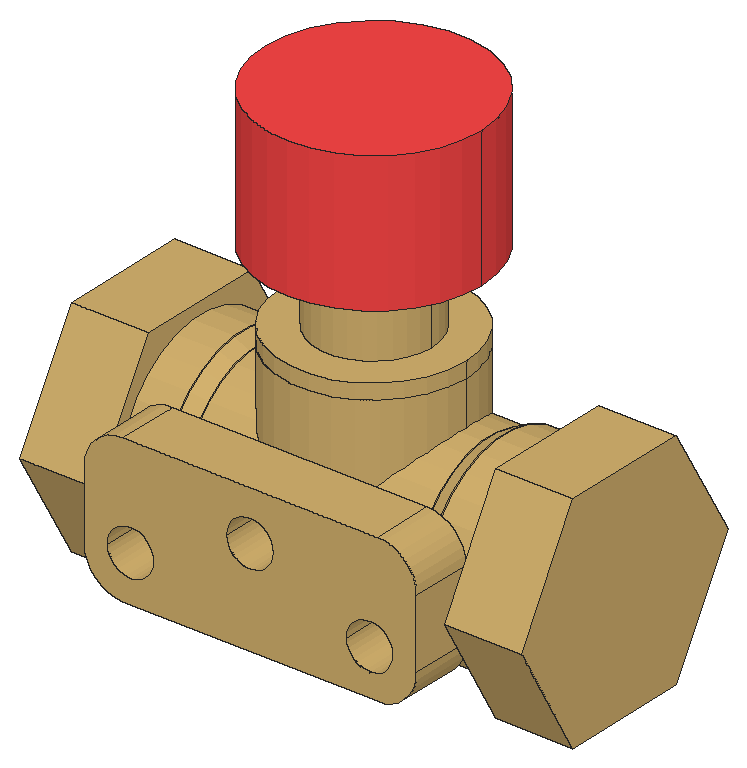
Revit family "ASV-M_DN15-DN40_Internal_RFA", category Pipe Accessories, Revit 2019
Family settings
  Round Connector Dimension = Use Diameter
  Part Type = Valve - Breaks Into
  Work Plane-Based = No
  Always vertical = Yes
  Cut with Voids When Loaded = No
  Shared = No
Parameters (values of type "ASV-M_DN15_Internal_003L7691")
  ang2D [instance] = 0.00°
  W1 = 20 mm
  Valve Body Material = Danfoss Brass
  Use Minimum Symbol Size [instance] = no
  URL = "https://store.danfoss.com/en/Climate-Solutions-for-heating/Hydronic-Balancing-and-Control/Differential-Pressure-Control/Partner-valves/c/7017?q=%3Arelevance%3Adanfoss_producttypehierarchydesc%3A0db7ce8e13f1d90eb5580db7ceeb1985e23455bd%3Adanfoss_a50461501115_fts%3ATA5_1501120&page=0&pageSize=20"
  TD = R_V2 * 2  # 26 mm
  R_Thread1 = 16.5 mm
  R_TP = 3 mm
  R_Body1 = 12 mm
  R_V1 = 12 mm
  R_V2 = 13 mm
  R_Body3 = 7.5 mm
  R_C = 14 mm
  R_Body2 = 12 mm
  Pressure Drop [instance] = 0.0 Pa
  Depth_P = 8 mm
  Nominal Pressure = "PN 16"  # constant formula
  R_T = 16.7 mm
  H_T1 = 9.5 mm
  Model Type = "ASV-M_DN15_Internal"
  Model = "003L7691"
  Min Medium Temperature = "-20 °C"  # constant formula
  Min Differential Pressure = "10 kPa"  # constant formula
  Max Medium Temperature = "120 °C"  # constant formula
  Max Differential Pressure = "150 kPa"  # constant formula
  Manufacturer = "Danfoss"  # constant formula
  H_T2 = 2 mm
  L_TP3 = 0 mm
  L_TP2 = 15.5 mm
  L_TP1 = 15.5 mm
  L_2 = 32.5 mm
  L_P2 = 21.5 mm
  L_P1 = 21.5 mm
  LOD 350 = not(LOD 200)  # yes
  LOD 200 = no
  L4 = 15 mm
  L3 = 2 mm
  L2__ve = -L2  # -6 mm
  L2 = 6 mm
  L1__ve = -L1  # -10 mm
  L1 = 10 mm
  L = L_2 * 2  # 65 mm
  Kvs = 1.6 m³/h
  IfcExportType = "ASV-M"  # constant formula
  IfcExportAs = "IfcValveType"  # constant formula
  H_2 = 4.5 mm
  H_TP1 = 3.5 mm
  H_TP2 = 3 mm
  H_P2 = 9.5 mm
  H_P1 = 9.5 mm
  H_C = 18 mm
  H1 = 47.1 mm
  Flow [instance] = 0.0 m³/h
  Description = "Partner Valve for Automatic Balancing"  # constant formula
  D = 15 mm
  Connection = "Internal Thread"  # constant formula
  R_Thread = R_T * cos(30.00°)  # 14.463 mm
  R_Arc = 5 mm
Types (5, lengths in mm): name | W1 | TD | R_Thread1 | R_TP | R_Body1 | R_V1 | R_V2 | R_Body3 | R_C | R_Body2 | Depth_P | R_T | H_T1 | Model Type | Model | H_T2 | L_TP3 | L_TP2 | L_TP1 | L_2 | L_P2 | L_P1 | L4 | L3 | L2__ve | L2 | L1__ve | L1 | L | Kvs | H_TP1 | H_TP2 | H_P2 | H_P1 | H_C | H1 | D | R_Thread
  ASV-M_DN20_Internal_003L7692 | 20 | 30 | 20.5 | 3 | 14.5 | 14.5 | 15 | 9 | 17.5 | 14.5 | 8 | 20.8 | 11.5 | "ASV-M_DN20_Internal" | "003L7692" | 2 | 1 | 14.5 | 16.5 | 37.5 | 20.5 | 22 | 18 | 2 | -9 | 9 | -10 | 10 | 75 | 2.5 m³/h | 3 | 3 | 9.5 | 9.5 | 22.5 | 58.75 | 20 | 18.013
  ASV-M_DN25_Internal_003L7693 | 23 | 38.4 | 26.5 | 3.5 | 18 | 18 | 19.2 | 11 | 22.5 | 18 | 8 | 27.1 | 15.5 | "ASV-M_DN25_Internal" | "003L7693" | 2 | 2 | 13.5 | 17.5 | 42 | 20 | 23.5 | 19 | 2 | -12 | 12 | -12 | 12 | 84 | 4.0 m³/h | 3 | 3 | 9.5 | 9.5 | 28.8 | 75.8 | 25 | 23.469
  ASV-M_DN32_Internal_003L7694 | 28.5 | 48 | 32.5 | 3.5 | 22 | 22 | 24 | 14 | 27.5 | 22 | 8 | 32.9 | 22.5 | "ASV-M_DN32_Internal" | "003L7694" | 7 | 3 | 12.5 | 18.5 | 47.5 | 22 | 28 | 20.5 | 2.143 | -11 | 11 | -15 | 15 | 95 | 6.3 m³/h | 3 | 3 | 9 | 9 | 36 | 98 | 32 | 28.492
  ASV-M_DN40_Internal_003L7695 | 33 | 54 | 36 | 3.5 | 22 | 25 | 27 | 14 | 27.5 | 22 | 11.5 | 36.4 | 19 | "ASV-M_DN40_Internal" | "003L7695" | 4 | 5.5 | 10 | 21 | 50 | 22 | 28 | 23 | 2.429 | -9 | 9 | -17 | 17 | 100 | 10.0 m³/h | 1 | 5 | 11 | 7 | 36 | 98.8 | 40 | 31.523
  ASV-M_DN15_Internal_003L7691 | 20 | 26 | 16.5 | 3 | 12 | 12 | 13 | 7.5 | 14 | 12 | 8 | 16.7 | 9.5 | "ASV-M_DN15_Internal" | "003L7691" | 2 | 0 | 15.5 | 15.5 | 32.5 | 21.5 | 21.5 | 15 | 2 | -6 | 6 | -10 | 10 | 65 | 1.6 m³/h | 3.5 | 3 | 9.5 | 9.5 | 18 | 47.1 | 15 | 14.463
Reference planes
  plane 1 "Center (Front/Back)": y = 0
  plane 2 "XYPLANE": z = 0
  plane 3 "Center (Left/Right)": x = 0
  plane 4 "59": y = -20
  plane 5 "58": z = 9.5
  plane 6 "57": z = -9.5
  plane 7 "56": x = -21.5
  plane 8 "55": x = 21.5
  plane 9 "43": z = 17.6
  plane 10 "42": z = 19.6
  plane 11 "41": z = 29.1
  plane 12 "40": x = 17
  plane 13 "39": x = 15
  plane 14 "38": x = -17
  plane 15 "37": x = -15
  plane 16 "35": z = 47.1
  plane 17 "26": x = -32.5
  plane 18 "25": x = 32.5
  plane 19 "24": z = 0
  plane 20 "23": y = 0
  plane 21 "22": x = 0
  plane 22 "c1": x = 15.5
  plane 23 "c2": x = -15.5
  plane 24: z = -3.5
  plane 25: z = 3
  plane 26: x = 0
Forms (mm)
  Extrusion 1, solid, material "Danfoss Brass" <- "Valve Body Material", visible <- "LOD 350", detail levels fine
    sketch origin (0, 0, 19.6) x (1, 0, 0) y (0, 1, 0)
      loop
        circle (0, 0) r 7.5
    from 0 to 9.5 <- "H_T1"
  Extrusion 2, solid, material "Danfoss Brass" <- "Valve Body Material", visible <- "LOD 350", detail levels fine
    sketch origin (17, -750, 0) x (0, 1, 0) y (0, 0, 1)
      loop
        circle (750, 0) r 13
    from 0 to 6 <- "L2"
  Extrusion 3, solid, material "Danfoss Brass" <- "Valve Body Material", visible <- "LOD 350", detail levels fine
    sketch origin (-17, -750, 0) x (0, 1, 0) y (0, 0, 1)
      loop
        circle (750, 0) r 13
    from 0 to -6 <- "L2__ve"
  Extrusion 4, solid, material "Danfoss Brass" <- "Valve Body Material", detail levels fine
    sketch origin (750, -20, 0) x (-1, 0, 0) y (0, 0, 1)
      loop
        line (766.5, 9.5) -> (733.5, 9.5)
        arc (733.5, 9.5) -> (729.964, 8.036) -> (728.5, 4.5) r 5
        line (728.5, 4.5) -> (728.5, -4.5)
        arc (728.5, -4.5) -> (729.964, -8.036) -> (733.5, -9.5) r 5
        line (733.5, -9.5) -> (766.5, -9.5)
        arc (766.5, -9.5) -> (770.036, -8.036) -> (771.5, -4.5) r 5
        line (771.5, -4.5) -> (771.5, 4.5)
        arc (771.5, 4.5) -> (770.036, 8.036) -> (766.5, 9.5) r 5
      loop
        circle (765.5, -3.5) r 3
      loop
        circle (750, 3) r 3
      loop
        circle (734.5, -3.5) r 3
    from 0 to 8 <- "Depth_P"
  Extrusion 5, solid, material "Danfoss Plastic Red", detail levels fine
    sketch origin (-750, 0, 29.1) x (1, 0, 0) y (0, 1, 0)
      loop
        circle (750, 0) r 14
    from 0 to 18 <- "H_C"
  Blend 6, solid, material "Danfoss Brass" <- "Valve Body Material", visible <- "LOD 350", detail levels fine
    base sketch origin (-750, 0, 17.6) x (1, 0, 0) y (0, 1, 0)
      loop
        circle (750, 0) r 12
    top sketch origin (-750, 0, 17.6) x (1, 0, 0) y (0, 1, 0)
      loop
        circle (750, 0) r 12
    from 0 to 2
  Extrusion 7, solid, material "Danfoss Brass" <- "Valve Body Material", visible <- "LOD 350", detail levels fine
    sketch origin (-750, 0, 17.6) x (1, 0, 0) y (0, 1, 0)
      loop
        circle (750, 0) r 12
    from 0 to -17.6
  Extrusion 8, solid, material "Danfoss Brass" <- "Valve Body Material", visible <- "LOD 350", detail levels fine
    sketch origin (32.5, -750, 0) x (0, 1, 0) y (0, 0, 1)
      loop
        line (766.7, 0) -> (758.35, 14.463) -> (741.65, 14.463) -> (733.3, 0) -> (741.65, -14.463) -> (758.35, -14.463) -> (766.7, 0)
    from 0 to -10 <- "L1__ve"
  Extrusion 9, solid, material "Danfoss Brass" <- "Valve Body Material", visible <- "LOD 350", detail levels fine
    sketch origin (-32.5, -750, 0) x (0, 1, 0) y (0, 0, 1)
      loop
        line (733.3, 0) -> (741.65, -14.463) -> (758.35, -14.463) -> (766.7, 0) -> (758.35, 14.463) -> (741.65, 14.463) -> (733.3, 0)
    from 0 to 10 <- "L1"
  Blend 10, solid, material "Danfoss Brass" <- "Valve Body Material", visible <- "LOD 350", detail levels fine
    base sketch origin (17, -750, 0) x (0, 1, 0) y (0, 0, 1)
      loop
        circle (750, 0) r 13
    top sketch origin (17, -750, 0) x (0, 1, 0) y (0, 0, 1)
      loop
        circle (750, 0) r 12
    from 0 to -2
  Blend 11, solid, material "Danfoss Brass" <- "Valve Body Material", visible <- "LOD 350", detail levels fine
    base sketch origin (-17, -750, 0) x (0, 1, 0) y (0, 0, 1)
      loop
        circle (750, 0) r 13
    top sketch origin (-17, -750, 0) x (0, 1, 0) y (0, 0, 1)
      loop
        circle (750, 0) r 12
    from 0 to 2
  Extrusion 12, solid, material "Danfoss Brass" <- "Valve Body Material", visible <- "LOD 350", detail levels fine
    sketch origin (-15, -750, 0) x (0, 1, 0) y (0, 0, 1)
      loop
        circle (750, 0) r 12
    from 0 to 30
  Extrusion 13, solid, material "Danfoss Brass" <- "Valve Body Material", visible <- "LOD 200", detail levels fine
    sketch origin (32.5, -750, 0) x (0, 1, 0) y (0, 0, 1)
      loop
        circle (750, 0) r 16.5
    from 0 to -10 <- "L1__ve"
  Extrusion 14, solid, material "Danfoss Brass" <- "Valve Body Material", visible <- "LOD 200", detail levels fine
    sketch origin (-32.5, -750, 0) x (0, 1, 0) y (0, 0, 1)
      loop
        circle (750, 0) r 16.5
    from 0 to 10 <- "L1"
  Extrusion 15, solid, material "Danfoss Brass" <- "Valve Body Material", visible <- "LOD 200", detail levels fine
    sketch origin (0, 0, 0) x (1, 0, 0) y (0, 1, 0)
      loop
        circle (0, 0) r 12
    from 0 to 29.1
  Extrusion 16, solid, material "Danfoss Brass" <- "Valve Body Material", visible <- "LOD 200", detail levels fine
    sketch origin (0, 0, 0) x (0, 1, 0) y (0, 0, 1)
      loop
        circle (0, 0) r 12
    from -22.5 to 22.5
Lines and regions (mm)
  reference lines, not visible
    curve 1: circle (2, 2, 0) r 1 normal (0, 0, 1)
  reference lines
    curve 2: line (32.5, 0, 0) -> (32.5, -3.375, 5.846)
    curve 3: line (32.5, 0, 0) -> (32.5, -6.75, 0)
    curve 4: line (32.5, 0, 0) -> (32.5, -3.375, -5.846)
    curve 5: line (-32.5, 0, 0) -> (-32.5, 3.375, 5.846)
    curve 6: line (-32.5, 0, 0) -> (-32.5, 6.75, 0)
    curve 7: line (-32.5, 0, 0) -> (-32.5, 3.375, -5.846)
Dimensions and locks
  plane 1 "Center (Front/Back)" to curve 1 = 2 mm
  "W1": plane 20 "23" to plane 4 "59"
  "L_P1": plane 21 "22" to plane 7 "56"
  "L_P2": plane 21 "22" to plane 8 "55"
  "H_T2": plane 10 "42" to plane 9 "43"
  "H_T1": plane 11 "41" to plane 10 "42"
  "H_C": plane 16 "35" to plane 11 "41"
  "L3": plane 13 "39" to plane 12 "40"
  "L4": plane 21 "22" to plane 13 "39"
  "L3": plane 15 "37" to plane 14 "38"
  "L4": plane 21 "22" to plane 15 "37"
  "H1": plane 19 "24" to plane 16 "35"
  "L_2": plane 21 "22" to plane 17 "26"
  "L_2": plane 21 "22" to plane 18 "25"
  locked: plane 2 "XYPLANE" to plane 19 "24"
  locked: plane 1 "Center (Front/Back)" to plane 20 "23"
  locked: plane 3 "Center (Left/Right)" to plane 21 "22"
  Extrusion 4 sketch curve to Extrusion 4 sketch curve = 0 mm  (x16)
  "R_Thread": curve 2 to Extrusion 8 sketch curve  (x2)
  "R_Thread": curve 3 to Extrusion 8 sketch curve  (x2)
  "R_Thread": curve 4 to Extrusion 8 sketch curve  (x2)
  Extrusion 8 sketch curve to Extrusion 8 sketch curve = 0 mm  (x12)
  "R_Thread": curve 5 to Extrusion 9 sketch curve  (x2)
  "R_Thread": curve 6 to Extrusion 9 sketch curve  (x2)
  "R_Thread": curve 7 to Extrusion 9 sketch curve  (x2)
  Extrusion 9 sketch curve to Extrusion 9 sketch curve = 0 mm  (x12)
  plane 18 "25" to plane 17 "26" = 65 mm
  "H_TP1": level to plane 24
  "L_TP2": plane 22 "c1" to plane 3 "Center (Left/Right)"
  "L_TP1": plane 3 "Center (Left/Right)" to plane 23 "c2"
  "H_P2": plane 5 "58" to level
  "H_P1": level to plane 6 "57"
  "H_TP2": plane 25 to level
  "L_TP3": plane 3 "Center (Left/Right)" to plane 26
  "R_Body3": radius of Extrusion 1 sketch curve
  "R_V2": radius of Extrusion 2 sketch curve
  "R_V2": radius of Extrusion 3 sketch curve
  "R_Arc": radius of Extrusion 4 sketch curve  (x4)
  "R_C": radius of Extrusion 5 sketch curve
  "R_Body2": radius of Blend 6 sketch curve  (x2)
  "R_Body1": radius of Extrusion 7 sketch curve
  "R_V1": radius of Blend 10 sketch curve
  "R_V2": radius of Blend 10 sketch curve
  "R_V1": radius of Blend 11 sketch curve
  "R_V2": radius of Blend 11 sketch curve
  "R_V1": radius of Extrusion 12 sketch curve
  "R_Thread1": radius of Extrusion 13 sketch curve
  "R_Thread1": radius of Extrusion 14 sketch curve
  "R_Body1": radius of Extrusion 15 sketch curve
  "R_V1": radius of Extrusion 16 sketch curve
  "R_TP": radius of Extrusion 4 sketch curve  (x3)
  locked: curve 3 to curve 2 (angle 60.00°)
  locked: curve 4 to curve 3 (angle 60.00°)
  locked: curve 4 to curve 2 (angle 120.00°)
  locked: curve 6 to curve 5 (angle 60.00°)
  locked: curve 7 to curve 6 (angle 60.00°)
  locked: curve 7 to curve 5 (angle 120.00°)
  aligned and locked: level to plane 2 "XYPLANE"
  aligned and locked: plane 20 "23" to Extrusion 1 sketch curve
  aligned and locked: plane 21 "22" to Extrusion 1 sketch curve
  aligned and locked: plane 19 "24" to Extrusion 2 sketch curve
  aligned and locked: Extrusion 2 sketch curve to plane 20 "23"
  aligned and locked: plane 19 "24" to Extrusion 3 sketch curve
  aligned and locked: Extrusion 3 sketch curve to plane 20 "23"
  aligned and locked: plane 7 "56" to Extrusion 4 sketch curve
  aligned and locked: plane 6 "57" to Extrusion 4 sketch curve
  aligned and locked: Extrusion 4 sketch curve to plane 8 "55"
  aligned and locked: Extrusion 4 sketch curve to plane 5 "58"
  aligned and locked: plane 20 "23" to Extrusion 5 sketch curve
  aligned and locked: plane 21 "22" to Extrusion 5 sketch curve
  aligned and locked: plane 20 "23" to Blend 6 sketch curve  (x2)
  aligned and locked: plane 21 "22" to Blend 6 sketch curve  (x2)
  aligned and locked: plane 10 "42" to Blend 6
  aligned and locked: plane 20 "23" to Extrusion 7 sketch curve
  aligned and locked: plane 21 "22" to Extrusion 7 sketch curve
  aligned and locked: plane 19 "24" to curve 4
  aligned and locked: curve 4 to plane 20 "23"
  aligned and locked: plane 19 "24" to curve 7
  aligned and locked: curve 7 to plane 20 "23"
  aligned and locked: plane 19 "24" to Blend 10 sketch curve  (x2)
  aligned and locked: Blend 10 sketch curve to plane 20 "23"  (x2)
  aligned and locked: Blend 10 to plane 13 "39"
  aligned and locked: plane 19 "24" to Blend 11 sketch curve  (x2)
  aligned and locked: Blend 11 sketch curve to plane 20 "23"  (x2)
  aligned and locked: plane 15 "37" to Blend 11
  aligned and locked: plane 19 "24" to Extrusion 12 sketch curve
  aligned and locked: Extrusion 12 sketch curve to plane 20 "23"
  aligned and locked: plane 19 "24" to Extrusion 13 sketch curve
  aligned and locked: Extrusion 13 sketch curve to plane 20 "23"
  aligned and locked: plane 19 "24" to Extrusion 14 sketch curve
  aligned and locked: Extrusion 14 sketch curve to plane 20 "23"
  aligned and locked: Extrusion 12 to plane 13 "39"
  aligned and locked: plane 1 "Center (Front/Back)" to Extrusion 15 sketch curve
  aligned and locked: plane 3 "Center (Left/Right)" to Extrusion 15 sketch curve
  aligned and locked: plane 11 "41" to Extrusion 15
  aligned and locked: plane 1 "Center (Front/Back)" to Extrusion 16 sketch curve
  aligned and locked: level to Extrusion 16 sketch curve
  aligned and locked: Extrusion 16 to Extrusion 13
  aligned and locked: Extrusion 16 to Extrusion 14
  aligned and locked: plane 23 "c2" to Extrusion 4 sketch curve
  aligned and locked: plane 24 to Extrusion 4 sketch curve  (x2)
  aligned and locked: plane 26 to Extrusion 4 sketch curve
  aligned and locked: plane 25 to Extrusion 4 sketch curve
  aligned and locked: plane 22 "c1" to Extrusion 4 sketch curve
  aligned and locked: Extrusion 7 to level
  aligned and locked: plane 1 "Center (Front/Back)" to nested 1
  aligned and locked: plane 18 "25" to nested 1
  aligned and locked: nested 1 to plane 21 "22"
Automatic sketch dimensions
  plane 3 "Center (Left/Right)" to curve 1 = 2 mm
  radius of curve 1 = 1 mm
Nested families
  nested 1: "Schematic_Shut off valve" at (0, 0, 0), type "Schematic_Shut off valve"
Connectors
  piping at (-32.5, 0, 0), diameter 15, driven by "D", driven by "Flow"
    settings: on Extrusion 14, index 1, connector inside diameter 609.6 mm, connector length 0 mm, flow factor 0, pipe flow 0.0 m³/h, pressure drop 0.0 Pa, fitting loss kfactor 0, connector angle 0.00°, fixture units 0, engagement length 0 mm, angle of deflection 0.00°, flow configuration 0, flow direction 0, fitting loss method 0, system type 29, joint type 0, gender type 0, connector reference index 2, connector utility 0, adjustable connector no, is connector primary yes, connector description ""
  piping at (32.5, 0, 0), diameter 15, driven by "D", driven by "Flow"
    settings: on Extrusion 13, index 2, connector inside diameter 609.6 mm, connector length 0 mm, flow factor 0, pipe flow 0.0 m³/h, pressure drop 0.0 Pa, fitting loss kfactor 0, connector angle 0.00°, fixture units 0, engagement length 0 mm, angle of deflection 0.00°, flow configuration 0, flow direction 0, fitting loss method 0, system type 29, joint type 0, gender type 0, connector reference index 1, connector utility 0, adjustable connector no, is connector primary no, connector description ""
Definition of nested family "Schematic_Shut off valve"
  Parameters (values of type "Schematic_Shut off valve")
    L = 130 mm
    H = 96.7 mm
    L1 = L / 2  # 65 mm
    D = 66.4 mm
  Reference planes
    plane 1 "Center (Front/Back)": y = 0
    plane 2: z = 0
    plane 3 "Center (Left/Right)": x = 0
    plane 4: y = 63.5
    plane 5: y = -33.2
    plane 6: x = -65
    plane 7: x = 65
    plane 8: y = 33.2
    plane 9: x = -32.5
    plane 10: x = 32.5
    plane 11: z = 33.2
    plane 12: z = -33.2
    plane 13: z = 63.5
  Lines and regions (mm)
    model lines
      curve 1: line (-65, 0, 33.2) -> (-65, 0, -33.2)
      curve 2: line (-65, 0, -33.2) -> (0, 0, 0)
      curve 3: line (0, 0, 0) -> (-65, 0, 33.2)
      curve 4: line (65, 0, 33.2) -> (0, 0, 0)
      curve 5: line (65, 0, -33.2) -> (0, 0, 0)
      curve 6: line (65, 0, -33.2) -> (65, 0, 33.2)
      curve 7: line (0, 0, 0) -> (0, 0, 63.5)
      curve 16: line (0, 0, 63.5) -> (-32.5, 0, 63.5)
    symbolic lines
      curve 8: line (-65, 33.2, 0) -> (-65, -33.2, 0)
      curve 9: line (-65, -33.2, 0) -> (0, 0, 0)
      curve 10: line (-65, 33.2, 0) -> (0, 0, 0)
      curve 11: line (65, 33.2, 0) -> (0, 0, 0)
      curve 12: line (65, -33.2, 0) -> (0, 0, 0)
      curve 13: line (65, -33.2, 0) -> (65, 33.2, 0)
      curve 14: line (0, 0, 0) -> (0, 63.5, 0)
      curve 15: line (0, 63.5, 0) -> (-32.5, 63.5, 0)
  Dimensions and locks
    "H": plane 5 to plane 4
    equal spacing: plane 6, plane 3 "Center (Left/Right)", plane 7
    equal spacing: plane 5, plane 1 "Center (Front/Back)", plane 8
    equal spacing: plane 9, plane 3 "Center (Left/Right)", plane 10
    equal spacing: plane 11, level, plane 12
    "H": plane 13 to plane 12
    "D": plane 5 to plane 8
    "L1": plane 9 to plane 10
    "D": plane 11 to plane 12
    "L": plane 6 to plane 7
    aligned and locked: level to plane 2
    aligned and locked: plane 7 to curve 6
    aligned and locked: curve 15 to plane 4
    aligned and locked: plane 9 to curve 15
    aligned and locked: plane 9 to curve 16
    aligned and locked: plane 13 to curve 16
  Automatic sketch dimensions
    plane 5 to curve 8 = 0 mm
    curve 8 to plane 6 = 0 mm
    plane 1 "Center (Front/Back)" to curve 10 = 0 mm
    curve 11 to plane 7 = 0 mm
    plane 5 to curve 13 = 0 mm
    plane 8 to curve 10 = 0 mm
    plane 8 to curve 13 = 0 mm
    curve 15 to plane 3 "Center (Left/Right)" = 0 mm
    curve 1 to plane 6 = 0 mm
    curve 3 to level = 0 mm
    curve 16 to plane 3 "Center (Left/Right)" = 0 mm
    curve 1 to plane 12 = 0 mm
    curve 6 to plane 12 = 0 mm
    curve 3 to plane 11 = 0 mm
    curve 6 to plane 11 = 0 mm
